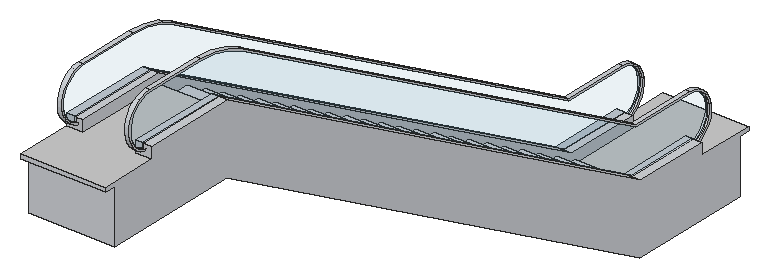
Revit family
Parameters (values of type "5400")
  Assembly Code = ""
  단폭 [instance] = (NumRisers - 1) * 398.37 mm  # 8764.14 mm
  Truss material = none
  Step material = none
  NumRisers = A_Run / (230.00 mm / tan(30.00°))  # 23
  L_Length = A_Run + 4797.00 mm  # 14150.074 mm
  Handrail panel material = Glass
  Handrail material = none
  H_Rise = 5400.00 mm
  Finished Width = 1549.40 mm
  Clear width = Finished Width - (2.00 mm * 296)  # 957.40 mm
  A_Run = H_Rise / tan(30.00°)  # 9353.074 mm
Reference planes
  plane 1 "Face of upper support": y = 0
  plane 2: z = 0
  plane 3 "Center (Left/Right)": x = 0
  plane 4 "Top": z = 5400
  plane 5 "Face of lower support": y = 14150.074
  plane 6 "Landing edge lower": y = 11956.074
  plane 7 "Landing edge upper": y = 2603
  plane 8 "Left": x = -774.7
  plane 9 "Right": x = 774.7
  plane 10 "CL Rail left": x = -609.7
  plane 11 "CL Rail right": x = 609.7
  plane 12: y = 513
  plane 13: z = 100
  plane 14: y = 13637.074
  plane 15: y = 513
  plane 16: y = 13637.074
  plane 17: y = 513
  plane 18: through (0, 11049.865, 0) normal (0, 0.5, 0.866)
  plane 19: y = 10362.588
Forms (mm)
  Extrusion 1, solid, material <- "Truss material", detail levels fine
    sketch origin (-774.7, 0, 0) x (0, -1, 0) y (0, 0, 1)
      loop
        line (-14350.074, 0) -> (-14350.074, -75) -> (-14150.074, -75) -> (-14150.074, -1046) -> (-11897.8, -1046) -> (-2544.725, 4354) -> (0, 4354) -> (0, 5325) -> (200, 5325) -> (200, 5400) -> (-2603, 5400) -> (-11956.074, 0) -> (-14350.074, 0)
    from 0 to -1549.4
  Extrusion 2, solid, material <- "Truss material", detail levels fine
    sketch origin (-774.7, 0, 0) x (0, -1, 0) y (0, 0, 1)
      loop
        line (-851, 5400) -> (-851, 5600) -> (-2566.59, 5600) -> (-11919.664, 200) -> (-13299.074, 200) -> (-13299.074, 0) -> (-11956.074, 0) -> (-2603, 5400) -> (-851, 5400)
    from 0 to -296
  Extrusion 3, solid, material "Glass" <- "Handrail panel material"
    sketch origin (-609.7, 0, 0) x (0, -1, 0) y (0, 0, 1)
      loop
        line (-3034.243, 6152.147) -> (-11958.024, 1000) -> (-13187.074, 1000)
        arc (-13187.074, 1000) -> (-13633.52, 606.446) -> (-13299.074, 114.161) r 450
        line (-13299.074, 114.161) -> (-13299.074, 200) -> (-11919.664, 200) -> (-2566.59, 5600) -> (-851, 5600) -> (-851, 5514.161)
        arc (-851, 5514.161) -> (-516.554, 6006.446) -> (-963, 6400) r 450
        line (-963, 6400) -> (-2109.243, 6400)
        arc (-2109.243, 6400) -> (-2588.058, 6336.963) -> (-3034.243, 6152.147) r 1850
    from 10 to -10
  Sweep 4, solid, material <- "Handrail material", detail levels fine
    path in 3D
      loop
        arc (-619.7, 851, 5514.161) -> (-619.7, 516.554, 6006.446) -> (-619.7, 963, 6400) r 450
        line (-619.7, 963, 6400) -> (-619.7, 2109.243, 6400)
        arc (-619.7, 2109.243, 6400) -> (-619.7, 2588.058, 6336.963) -> (-619.7, 3034.243, 6152.147) r 1850
        line (-619.7, 3034.243, 6152.147) -> (-619.7, 11958.024, 1000) -> (-619.7, 13187.074, 1000)
        arc (-619.7, 13187.074, 1000) -> (-619.7, 13633.52, 606.446) -> (-619.7, 13299.074, 114.161) r 450
    profile origin (-619.7, 1536.122, 6400) x (-1, 0, 0) y (0, 0, 1)
      loop
        line (30, 0) -> (30, 30) -> (-50, 30) -> (-50, 0) -> (30, 0)
  Extrusion 5, solid, material <- "Truss material", detail levels fine
    sketch origin (774.7, 0, 0) x (0, -1, 0) y (0, 0, 1)
      loop
        line (-851, 5400) -> (-851, 5600) -> (-2566.59, 5600) -> (-11919.664, 200) -> (-13299.074, 200) -> (-13299.074, 0) -> (-11956.074, 0) -> (-2603, 5400) -> (-851, 5400)
    from 0 to 296
  Extrusion 6, solid, material "Glass" <- "Handrail panel material"
    sketch origin (609.7, 0, 0) x (0, -1, 0) y (0, 0, 1)
      loop
        arc (-13187.074, 1000) -> (-13633.52, 606.446) -> (-13299.074, 114.161) r 450
        line (-13299.074, 114.161) -> (-13299.074, 200) -> (-11919.664, 200) -> (-2566.59, 5600) -> (-851, 5600) -> (-851, 5514.161)
        arc (-851, 5514.161) -> (-516.554, 6006.446) -> (-963, 6400) r 450
        line (-963, 6400) -> (-2109.243, 6400)
        arc (-2109.243, 6400) -> (-2588.058, 6336.963) -> (-3034.243, 6152.147) r 1850
        line (-3034.243, 6152.147) -> (-11958.024, 1000) -> (-13187.074, 1000)
    from 10 to -10
  Sweep 7, solid, material <- "Handrail material", detail levels fine
    path in 3D
      loop
        arc (619.7, 13299.074, 114.161) -> (619.7, 13633.52, 606.446) -> (619.7, 13187.074, 1000) r 450
        line (619.7, 13187.074, 1000) -> (619.7, 11958.024, 1000) -> (619.7, 3034.243, 6152.147)
        arc (619.7, 3034.243, 6152.147) -> (619.7, 2588.058, 6336.963) -> (619.7, 2109.243, 6400) r 1850
        line (619.7, 2109.243, 6400) -> (619.7, 963, 6400)
        arc (619.7, 963, 6400) -> (619.7, 516.554, 6006.446) -> (619.7, 851, 5514.161) r 450
    profile origin (619.7, 1536.122, 6400) x (1, 0, 0) y (0, 0, 1)
      loop
        line (30, 0) -> (30, 30) -> (-50, 30) -> (-50, 0) -> (30, 0)
  Extrusion 8, void
    sketch origin (0, 0, 0) x (0, 1, 0) y (0, 0, 1)
      loop
        line (2603, 5400) -> (2603, 5155.418) -> (11532.446, 0) -> (11956.074, 0) -> (2603, 5400)
    from 478.7 to -478.7
Cuts and joins
  Extrusion 8 cuts Extrusion 1
  Extrusion 8 cuts Extrusion 2
  Extrusion 8 cuts Extrusion 5
  joined: Extrusion 1, Extrusion 2, Extrusion 5
  Extrusion 8 cuts Extrusion 3
  Extrusion 8 cuts Sweep 4
  Extrusion 8 cuts Extrusion 6
  Extrusion 8 cuts Sweep 7
Lines and regions (mm)
  sketch lines
    curve 1: line (-619.7, 963, 6400) -> (-619.7, 2109.243, 6400)
    curve 2: arc (-619.7, 963, 6400) -> (-619.7, 516.554, 6006.446) -> (-619.7, 851, 5514.161) r 450
    curve 3: arc (-619.7, 3034.243, 6152.147) -> (-619.7, 2588.058, 6336.963) -> (-619.7, 2109.243, 6400) r 1850
    curve 4: line (-619.7, 3034.243, 6152.147) -> (-619.7, 11958.024, 1000)
    curve 5: line (-619.7, 11958.024, 1000) -> (-619.7, 13187.074, 1000)
    curve 6: line (619.7, 2109.243, 6400) -> (619.7, 963, 6400)
    curve 7: arc (619.7, 851, 5514.161) -> (619.7, 516.554, 6006.446) -> (619.7, 963, 6400) r 450
    curve 8: arc (619.7, 2109.243, 6400) -> (619.7, 2588.058, 6336.963) -> (619.7, 3034.243, 6152.147) r 1850
    curve 9: line (619.7, 11958.024, 1000) -> (619.7, 3034.243, 6152.147)
    curve 10: line (619.7, 13187.074, 1000) -> (619.7, 11958.024, 1000)
    curve 11: arc (619.7, 13187.074, 1000) -> (619.7, 13633.52, 606.446) -> (619.7, 13299.074, 114.161) r 450
    curve 12: arc (-619.7, 13299.074, 114.161) -> (-619.7, 13633.52, 606.446) -> (-619.7, 13187.074, 1000) r 450
  symbolic lines, detail levels coarse+medium
    curve 13: line (-774.7, 10362.588, 0) -> (-774.7, 14336.23, 0)
    curve 14: line (-774.7, 14336.23, 0) -> (774.7, 14336.23, 0)
    curve 15: line (774.7, 14336.23, 0) -> (774.7, 10362.588, 0)
    curve 19: line (-774.7, 13299.074, 0) -> (-649.7, 13299.074, 0)
    curve 20: line (-478.7, 13299.074, 0) -> (-478.7, 10362.588, 0)
    curve 21: line (774.7, 13299.074, 0) -> (649.7, 13299.074, 0)
    curve 22: line (478.7, 13299.074, 0) -> (478.7, 10362.588, 0)
    curve 23: line (-569.7, 13299.074, 0) -> (-478.7, 13299.074, 0)
    curve 24: line (569.7, 13299.074, 0) -> (478.7, 13299.074, 0)
    curve 25: line (-478.7, 11956.074, 0) -> (478.7, 11956.074, 0)
    curve 26: line (-478.7, 10362.588, 0) -> (-478.7, 11956.074, 0)
    curve 27: line (478.7, 10362.588, 0) -> (-478.7, 10362.588, 0)
    curve 28: line (478.7, 11956.074, 0) -> (478.7, 10362.588, 0)
    curve 29: line (-478.7, 11557.703, 0) -> (478.7, 11557.703, 0)
    curve 30: line (-478.7, 11159.331, 0) -> (478.7, 11159.331, 0)
    curve 31: line (-478.7, 10760.959, 0) -> (478.7, 10760.959, 0)
    curve 32: line (-478.7, 10362.588, 0) -> (478.7, 10362.588, 0)
    curve 33: line (-478.7, 10362.588, 0) -> (478.7, 10362.588, 0)
    curve 34: line (-569.7, 11956.074, 0) -> (-649.7, 11956.074, 0)
    curve 35: line (-619.7, 11956.074, 0) -> (-619.7, 10362.588, 0)
    curve 36: line (-599.7, 10362.588, 0) -> (-599.7, 11956.074, 0)
    curve 37: line (-649.7, 11956.074, 0) -> (-649.7, 13665.23, 0)
    curve 38: line (-649.7, 13665.23, 0) -> (-569.7, 13665.23, 0)
    curve 39: line (-569.7, 13665.23, 0) -> (-569.7, 11956.074, 0)
    curve 40: line (569.7, 11956.074, 0) -> (649.7, 11956.074, 0)
    curve 41: line (569.7, 11956.074, 0) -> (569.7, 13665.23, 0)
    curve 42: line (569.7, 13665.23, 0) -> (649.7, 13665.23, 0)
    curve 43: line (649.7, 13665.23, 0) -> (649.7, 11956.074, 0)
    curve 44: line (599.7, 10362.588, 0) -> (599.7, 11956.074, 0)
    curve 45: line (619.7, 11956.074, 0) -> (619.7, 10362.588, 0)
    curve 46: line (-1054.7, 10362.588, 0) -> (1105.3, 10362.588, 0)
  symbolic lines, style "GenericModelHiddenLines"
    curve 16: line (-774.7, -200, 0) -> (774.7, -200, 0)
    curve 17: line (-774.7, 10362.588, 0) -> (-774.7, -200, 0)
    curve 18: line (774.7, 10362.588, 0) -> (774.7, -200, 0)
Dimensions and locks
  "H_Rise": plane 4 "Top" to level
  "L_Length": plane 5 "Face of lower support" to plane 1 "Face of upper support"
  "A_Run": plane 6 "Landing edge lower" to plane 7 "Landing edge upper"
  locked: plane 7 "Landing edge upper" to plane 1 "Face of upper support" at 2603
  plane 5 "Face of lower support" to plane 6 "Landing edge lower" = 2194.00 mm
  equal spacing: plane 8 "Left", plane 3 "Center (Left/Right)", plane 9 "Right"
  "Finished Width": plane 8 "Left" to plane 9 "Right"
  locked: plane 1 "Face of upper support" to Extrusion 1 sketch curve at 200
  locked: Extrusion 1 sketch curve to plane 5 "Face of lower support" at 200
  locked: plane 7 "Landing edge upper" to plane 12 at 2090
  locked: plane 14 to plane 6 "Landing edge lower" at 1681
  equal spacing: Sweep 4 sketch curve, plane 10 "CL Rail left", Sweep 4 sketch curve
  locked: plane 10 "CL Rail left" to Sweep 4 sketch curve at 40
  locked: Sweep 4 sketch curve to profile plane at 30
  locked: plane 8 "Left" to plane 10 "CL Rail left" at 165
  locked: plane 11 "CL Rail right" to plane 9 "Right" at 165
  locked: plane 7 "Landing edge upper" to plane 15 at 2090
  plane 8 "Left" to plane 10 "CL Rail left" = 165.00 mm
  locked: plane 16 to plane 6 "Landing edge lower" at 1681
  locked: plane 7 "Landing edge upper" to plane 17 at 2090
  Extrusion 6 sketch curve to plane 4 "Top" = 1000.00 mm
  Extrusion 3 sketch curve to level = 1000.00 mm
  Extrusion 3 sketch curve to plane 4 "Top" = 1000.00 mm
  profile plane to Sweep 7 sketch curve = 30.00 mm
  Sweep 7 sketch curve to plane 11 "CL Rail right" = 40.00 mm  (x2)
  "Clear width": cut or joined group of Extrusion 1, Extrusion 2, Extrusion 5, Extrusion 8 to cut or joined group of Extrusion 1, Extrusion 2, Extrusion 5, Extrusion 8
  locked: plane 8 "Left" to cut or joined group of Extrusion 1, Extrusion 2, Extrusion 5, Extrusion 8 at 296
  locked: cut or joined group of Extrusion 1, Extrusion 2, Extrusion 5, Extrusion 8 to plane 9 "Right" at 296
  locked: plane 19 to plane 6 "Landing edge lower" at 1593.487
  locked: curve 38 to curve 14 at 671
  equal spacing: group 1, group 4, group 5, group 6, group 7, group 8, group 9, group 10, group 11, group 12, group 13, group 14, group 15, group 16, group 17, group 18, group 19, group 20, group 21, group 22, group 23, group 24, group 25  (x2)
  equal spacing: group 25, group 24, group 23, group 22, group 21, group 20, group 19, group 18, group 17, group 16, group 15, group 14, group 13, group 12, group 11, group 10, group 9, group 8, group 7, group 6, group 5, group 4, group 1
  aligned and locked: Extrusion 1 to plane 9 "Right"
  aligned and locked: Extrusion 1 to Extrusion 2 sketch curve
  aligned and locked: Extrusion 2 sketch curve to Extrusion 1  (x2)
  aligned and locked: profile plane to Sweep 4 sketch curve
  aligned and locked: cut or joined group of Extrusion 1, Extrusion 2, Extrusion 5, Extrusion 8 to Extrusion 6 sketch curve  (x2)
  aligned and locked: Extrusion 6 sketch curve to cut or joined group of Extrusion 1, Extrusion 2, Extrusion 5, Extrusion 8  (x3)
  aligned and locked: Extrusion 3 sketch curve to cut or joined group of Extrusion 1, Extrusion 2, Extrusion 5, Extrusion 8  (x4)
  aligned and locked: cut or joined group of Extrusion 1, Extrusion 2, Extrusion 5, Extrusion 8 to Extrusion 3 sketch curve
  aligned and locked: Extrusion 8 sketch curve to cut or joined group of Extrusion 1, Extrusion 2, Extrusion 5, Extrusion 8
  aligned and locked: plane 7 "Landing edge upper" to Extrusion 8 sketch curve
  aligned and locked: Extrusion 8 to Extrusion 2
  aligned and locked: Extrusion 8 to cut or joined group of Extrusion 1, Extrusion 2, Extrusion 5, Extrusion 8
  aligned and locked: Extrusion 8 sketch curve to level
  aligned and locked: nested 1 to plane 6 "Landing edge lower"
  aligned and locked: plane 19 to curve 15
  aligned and locked: curve 16 to cut or joined group of Extrusion 1, Extrusion 2, Extrusion 5, Extrusion 8
  aligned and locked: cut or joined group of Extrusion 1, Extrusion 2, Extrusion 5, Extrusion 8 to curve 17
  aligned and locked: curve 18 to cut or joined group of Extrusion 1, Extrusion 2, Extrusion 5, Extrusion 8
  aligned and locked: curve 19 to cut or joined group of Extrusion 1, Extrusion 2, Extrusion 5, Extrusion 8
  aligned and locked: curve 20 to cut or joined group of Extrusion 1, Extrusion 2, Extrusion 5, Extrusion 8
  aligned and locked: curve 21 to cut or joined group of Extrusion 1, Extrusion 2, Extrusion 5, Extrusion 8
  aligned and locked: curve 22 to cut or joined group of Extrusion 1, Extrusion 2, Extrusion 5, Extrusion 8
  aligned and locked: curve 23 to cut or joined group of Sweep 4, Extrusion 8
  aligned and locked: curve 24 to cut or joined group of Sweep 7, Extrusion 8  (x2)
  aligned and locked: curve 26 to curve 20
  aligned and locked: curve 22 to curve 28
  aligned and locked: plane 6 "Landing edge lower" to curve 25
  aligned and locked: cut or joined group of Sweep 4, Extrusion 8 to curve 34  (x2)
  aligned and locked: cut or joined group of Extrusion 3, Extrusion 8 to curve 36
  aligned and locked: curve 34 to plane 6 "Landing edge lower"
  aligned and locked: cut or joined group of Sweep 4, Extrusion 8 to curve 39
  aligned and locked: curve 43 to cut or joined group of Sweep 7, Extrusion 8
  aligned and locked: cut or joined group of Sweep 7, Extrusion 8 to curve 41
  aligned and locked: curve 38 to curve 42
  aligned and locked: plane 6 "Landing edge lower" to curve 40
  aligned and locked: curve 44 to cut or joined group of Extrusion 6, Extrusion 8
  aligned and locked: curve 45 to cut or joined group of Extrusion 6, Extrusion 8
  aligned and locked: curve 33 to plane 19
  aligned and locked: nested 4 to nested 1  (x2)
Automatic sketch dimensions
  Extrusion 1 sketch curve to plane 6 "Landing edge lower" = 0.00 mm
  Extrusion 1 sketch curve to plane 4 "Top" = 0.00 mm
  Extrusion 1 sketch curve to plane 7 "Landing edge upper" = 0.00 mm
  Extrusion 1 sketch curve to plane 1 "Face of upper support" = 0.00 mm
  plane 6 "Landing edge lower" to Extrusion 1 sketch curve = 58.275 mm
  plane 7 "Landing edge upper" to Extrusion 1 sketch curve = 58.275 mm
  Extrusion 1 sketch curve to Extrusion 1 sketch curve = 971.00 mm  (x2)
  Extrusion 1 sketch curve to plane 4 "Top" = 75.00 mm
  Extrusion 1 sketch curve to level = 75.00 mm
  Extrusion 1 sketch curve to level = 0.00 mm
  Extrusion 1 sketch curve to plane 5 "Face of lower support" = 0.00 mm
  Extrusion 2 sketch curve to plane 5 "Face of lower support" = 851.00 mm
  plane 6 "Landing edge lower" to Extrusion 2 sketch curve = 36.41 mm
  plane 7 "Landing edge upper" to Extrusion 2 sketch curve = 36.41 mm
  Extrusion 2 sketch curve to plane 1 "Face of upper support" = 851.00 mm
  Extrusion 2 sketch curve to Extrusion 2 sketch curve = 200.00 mm
  plane 4 "Top" to Extrusion 2 sketch curve = 200.00 mm
  Extrusion 5 sketch curve to level = 0.00 mm
  Extrusion 5 sketch curve to plane 6 "Landing edge lower" = 0.00 mm
  Extrusion 5 sketch curve to plane 4 "Top" = 0.00 mm
  Extrusion 5 sketch curve to plane 7 "Landing edge upper" = 0.00 mm
  Extrusion 5 sketch curve to plane 5 "Face of lower support" = 851.00 mm
  plane 6 "Landing edge lower" to Extrusion 5 sketch curve = 36.41 mm
  plane 7 "Landing edge upper" to Extrusion 5 sketch curve = 36.41 mm
  Extrusion 5 sketch curve to plane 1 "Face of upper support" = 851.00 mm
  level to Extrusion 5 sketch curve = 200.00 mm
  plane 4 "Top" to Extrusion 5 sketch curve = 200.00 mm
  Extrusion 3 sketch curve to plane 6 "Landing edge lower" = 1.949 mm
  Extrusion 3 sketch curve to plane 7 "Landing edge upper" = 431.243 mm
  plane 7 "Landing edge upper" to Extrusion 3 sketch curve = 493.757 mm
  Extrusion 3 sketch curve to plane 4 "Top" = 850.00 mm
  Extrusion 6 sketch curve to plane 6 "Landing edge lower" = 1.949 mm
  Extrusion 6 sketch curve to plane 7 "Landing edge upper" = 431.243 mm
  plane 4 "Top" to Extrusion 6 sketch curve = 752.147 mm
  Extrusion 6 sketch curve to Extrusion 6 sketch curve = 450.00 mm
  plane 7 "Landing edge upper" to Extrusion 6 sketch curve = 493.757 mm
  plane 4 "Top" to Extrusion 6 sketch curve = 114.161 mm
  Extrusion 6 sketch curve to Extrusion 6 sketch curve = 112.00 mm
  level to Extrusion 6 sketch curve = 114.161 mm
  plane 16 to Extrusion 6 sketch curve = 450.00 mm
  plane 4 "Top" to Extrusion 3 sketch curve = 114.161 mm
  level to Extrusion 3 sketch curve = 114.161 mm
  Extrusion 3 sketch curve to Extrusion 3 sketch curve = 112.00 mm
  Extrusion 3 sketch curve to Extrusion 3 sketch curve = 350.00 mm
  Sweep 7 sketch curve to profile plane = 0.00 mm
  curve 46 to plane 19 = 0.00 mm
  curve 17 to plane 19 = 0.00 mm
  curve 46 to curve 13 = 280.00 mm
  plane 10 "CL Rail left" to curve 35 = 10.00 mm
  curve 46 to plane 9 "Right" = 330.60 mm
  curve 23 to curve 38 = 366.156 mm
  curve 30 to curve 29 = 398.372 mm
  curve 31 to curve 30 = 398.372 mm
  plane 19 to curve 31 = 398.372 mm
  plane 6 "Landing edge lower" to Extrusion 8 sketch curve = 423.628 mm
  Extrusion 8 sketch curve to plane 4 "Top" = 244.582 mm
Nested families
  nested 1: "Step" at (0, 11956.074, -150) x (-1, 0, 0) z (0, 0, 1), type "Step", detail levels fine
  nested 2: "Step" at (-2200, 8665.178, -230) x (-1, 0, 0) z (0, 0, 1), type "Step", not visible
  nested 3: "Step" at (-2200, 8665.178, -230) x (-1, 0, 0) z (0, 0, 1), type "Step", not visible
  nested 4: "Step" at (0, 11557.703, 80) x (-1, 0, 0) z (0, 0, 1), type "Step", detail levels fine
  nested 5: "Step" at (0, 11159.331, 310) x (-1, 0, 0) z (0, 0, 1), type "Step", detail levels fine
  nested 6: "Step" at (0, 10760.959, 540) x (-1, 0, 0) z (0, 0, 1), type "Step", detail levels fine
  nested 7: "Step" at (0, 10362.588, 770) x (-1, 0, 0) z (0, 0, 1), type "Step", detail levels fine
  nested 8: "Step" at (0, 9964.216, 1000) x (-1, 0, 0) z (0, 0, 1), type "Step", detail levels fine
  nested 9: "Step" at (0, 9565.844, 1230) x (-1, 0, 0) z (0, 0, 1), type "Step", detail levels fine
  nested 10: "Step" at (0, 9167.473, 1460) x (-1, 0, 0) z (0, 0, 1), type "Step", detail levels fine
  nested 11: "Step" at (0, 8769.101, 1690) x (-1, 0, 0) z (0, 0, 1), type "Step", detail levels fine
  nested 12: "Step" at (0, 8370.729, 1920) x (-1, 0, 0) z (0, 0, 1), type "Step", detail levels fine
  nested 13: "Step" at (0, 7972.358, 2150) x (-1, 0, 0) z (0, 0, 1), type "Step", detail levels fine
  nested 14: "Step" at (0, 7573.986, 2380) x (-1, 0, 0) z (0, 0, 1), type "Step", detail levels fine
  nested 15: "Step" at (0, 7175.614, 2610) x (-1, 0, 0) z (0, 0, 1), type "Step", detail levels fine
  nested 16: "Step" at (0, 6777.242, 2840) x (-1, 0, 0) z (0, 0, 1), type "Step", detail levels fine
  nested 17: "Step" at (0, 6378.871, 3070) x (-1, 0, 0) z (0, 0, 1), type "Step", detail levels fine
  nested 18: "Step" at (0, 5980.499, 3300) x (-1, 0, 0) z (0, 0, 1), type "Step", detail levels fine
  nested 19: "Step" at (0, 5582.127, 3530) x (-1, 0, 0) z (0, 0, 1), type "Step", detail levels fine
  nested 20: "Step" at (0, 5183.756, 3760) x (-1, 0, 0) z (0, 0, 1), type "Step", detail levels fine
  nested 21: "Step" at (0, 4785.384, 3990) x (-1, 0, 0) z (0, 0, 1), type "Step", detail levels fine
  nested 22: "Step" at (0, 4387.012, 4220) x (-1, 0, 0) z (0, 0, 1), type "Step", detail levels fine
  nested 23: "Step" at (0, 3988.641, 4450) x (-1, 0, 0) z (0, 0, 1), type "Step", detail levels fine
  nested 24: "Step" at (0, 3590.269, 4680) x (-1, 0, 0) z (0, 0, 1), type "Step", detail levels fine
  nested 25: "Step" at (0, 3191.897, 4910) x (-1, 0, 0) z (0, 0, 1), type "Step", detail levels fine
Definition of nested family "Step"
  Parameters (values of type "Step")
    Assembly Code = ""
    Tread width = 957.40 mm
    Step material = none
    Run = Rise / tan(30.00°)  # 398.372 mm
    Rise = 230.00 mm
  Reference planes
    plane 1 "Center (Front/Back)": y = 0
    plane 2: z = 0
    plane 3 "Center (Left/Right)": x = 0
    plane 4: y = 25.256
    plane 5: y = 423.628
  Forms (mm)
    Extrusion 1, solid, material <- "Step material"
      sketch origin (0, 517.176, 0) x (0, 1, 0) y (0, 0, 1)
        loop
          arc (-40.918, 0) -> (-70.589, 114.232) -> (-93.548, 230) r 2022.772
          line (-93.548, 230) -> (-517.176, 230)
          arc (-517.176, 230) -> (-507.839, 114.639) -> (-491.92, 0) r 2022.772
          line (-491.92, 0) -> (-40.918, 0)
      from -478.7 to 478.7
  Dimensions and locks
    "Tread width": Extrusion 1 to Extrusion 1
    equal spacing: Extrusion 1, plane 3 "Center (Left/Right)", Extrusion 1
  Automatic sketch dimensions
    Extrusion 1 sketch curve to level = 0.00 mm
    plane 1 "Center (Front/Back)" to Extrusion 1 sketch curve = 0.00 mm
    Extrusion 1 sketch curve to Extrusion 1 sketch curve = 25.256 mm
    Extrusion 1 sketch curve to plane 1 "Center (Front/Back)" = 423.628 mm
    Extrusion 1 sketch curve to plane 1 "Center (Front/Back)" = 476.258 mm
    level to Extrusion 1 sketch curve = 335.432 mm
    Extrusion 1 sketch curve to Extrusion 1 sketch curve = 1543.765 mm
    Extrusion 1 sketch curve to Extrusion 1 sketch curve = 398.372 mm
